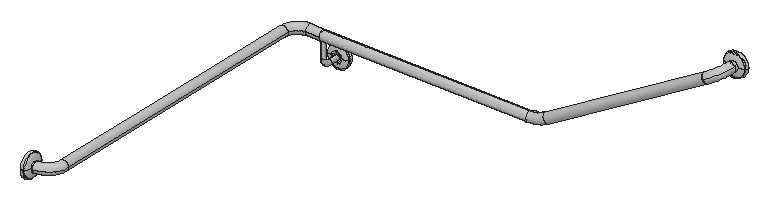
Revit family "Grab Rail_Metlam_30 Deg_Wrap Around_Left", category Specialty Equipment, Revit 2016
Family settings
  Part Type = Normal
  Round Connector Dimension = Use Diameter
  OmniClass Number = 23.40.20.21.47
  OmniClass Title = Bath Grab Bars
  Work Plane-Based = No
  Always vertical = Yes
  Cut with Voids When Loaded = No
  Shared = No
  Room Calculation Point = Yes
Parameters (values of type "1522w x 1116d x 382h (MLR113MKII)")
  Width = 1522 mm  # constant formula
  URL = "http://www.metlam.com.au/"
  Type Comments = "Grab Rails"  # constant formula
  Model = "MLR113MKII"
  Material_ANZRS = z_Metlam_Metal_Stainless Steel_Satin
  Manufacturer_Width = Width - 16 mm  # 1506 mm
  Manufacturer_URL__Product Specific = "https://www.metlam.com.au/product/content/grab-rails/MLR113MKII"
  Manufacturer_Spec Code = Model  # "MLR113MKII"
  Manufacturer_Height From FFL [instance] = 800 mm
  Manufacturer_Height = Height - 32 mm  # 350 mm
  Manufacturer_Depth = Depth - 16 mm  # 1100 mm
  Manufacturer = "Metlam"  # constant formula
  Keynote = ""
  Height = 382 mm  # constant formula
  Description = "30° Flush Mount Wrap Around Grab Rail LH"  # constant formula
  Depth = 1116 mm  # constant formula
  CreatedBy_ANZRS = "IGS BIM Solutions"  # constant formula
  CreatedByURL_ANZRS = "http://www.igsgroup.com.au/"
  Assembly Code = ""
Reference planes
  plane 1 "Ref. Level": z = 0
  plane 2 "Left Wall Mount_Centre (Elevation)": z = 784
  plane 3 "Middle Wall Mount_Centre (Elevation)": z = 691
  plane 4 "Bottom": z = 653
  plane 5 "Back": y = 610
  plane 6 "Right Wall Mount_Centre (Left/Right)": x = 908
  plane 7 "Left": x = -598
  plane 8 "Left Wall Mount_Centre (Front/Back)": y = -490
  plane 9 "Middle Wall Mount_Centre (Left/Right)": x = -428
  plane 10 "Right Wall Mount_Centre (Elevation)": z = 1134
  plane 11 "Top": z = 1173
  plane 12 "Angled Rail_Top": z = 1150
  plane 13 "Horizontal Rail_Bottom": z = 768
  plane 14 "Mounting Height": z = 800
  plane 15 "Angled Rail_Left": x = 892
  plane 16 "Angled Rail_Right": x = 924
  plane 17 "Right": x = 947
  plane 18 "Horizontal Rail_Front": y = 520
  plane 19 "Horizontal Rail_Right": x = -507.782
  plane 20 "Front": y = -529
  plane 21 "Horizontal Rail End_Front": y = -506
  plane 22 "Horizontal Rail End_Back": y = -474
Forms (mm)
  Sweep 1, solid, material "z_Metlam_Metal_Stainless Steel_Satin" <- "Material_ANZRS"
    path origin (-166.031, 0, 784) x (0, -1, 0) y (1, 0, 0)
      loop
        line (490, -408.969) -> (490, -407.751)
        arc (490, -407.751) -> (475.355, -372.396) -> (440, -357.751) r 50
        line (440, -357.751) -> (-486, -357.751)
        arc (-486, -357.751) -> (-521.355, -343.107) -> (-536, -307.751) r 50
        line (-536, -307.751) -> (-536, -261.969)
    profile origin (-574.391, -490, 784) x (0, 1, 0) y (0, 0, 1)
      loop
        circle (0, 0) r 16
  Revolve 2, solid, material "z_Metlam_Metal_Stainless Steel_Satin" <- "Material_ANZRS"
    sketch origin (0, 0, 1134) x (-1, 0, 0) y (0, -1, 0)
      loop
        arc (-871.743, -599.373) -> (-881.591, -595.611) -> (-892, -593.938) r 51.397
        line (-892, -593.938) -> (-908, -593.938) -> (-908, -610) -> (-869, -610) -> (-870.401, -601.21)
        arc (-870.401, -601.21) -> (-870.851, -600.13) -> (-871.743, -599.373) r 2.5
      axis (-908, -593.938) -> (-908, -610)
    angle from 0 to 360
  Revolve 3, solid, material "z_Metlam_Metal_Stainless Steel_Satin" <- "Material_ANZRS"
    sketch origin (-34.405, -1648, 784) x (-1, 0, 0) y (0, -1, 0)
      loop
        arc (547.564, -1174) -> (549.238, -1184.409) -> (553, -1194.257) r 51.397
        arc (553, -1194.257) -> (553.757, -1195.149) -> (554.836, -1195.599) r 2.5
        line (554.836, -1195.599) -> (563.595, -1197) -> (563.595, -1158) -> (540.595, -1158) -> (540.595, -1174) -> (547.564, -1174)
      axis (540.595, -1158) -> (563.595, -1158)
    angle from 0 to 360
  Revolve 4, solid, material "z_Metlam_Metal_Stainless Steel_Satin" <- "Material_ANZRS"
    sketch origin (-428, 610, 691) x (-1, 0, 0) y (0, -1, 0)
      loop
        line (38, 0) -> (37.609, 8.494)
        arc (37.609, 8.494) -> (37.213, 9.734) -> (36.246, 10.607) r 2.5
        arc (36.246, 10.607) -> (27.366, 14.116) -> (17.983, 15.888) r 50.422
        arc (17.983, 15.888) -> (16.426, 15.995) -> (14.865, 16.031) r 34
        line (14.865, 16.031) -> (0, 16.031) -> (0, 0) -> (38, 0)
      axis (0, 0) -> (0, 16.031)
    angle from 0 to 360
  Sweep 5, solid, material "z_Metlam_Metal_Stainless Steel_Satin" <- "Material_ANZRS"
    path origin (-428, 0, 0) x (0, 1, 0) y (0, 0, 1)
      loop
        line (593.969, 691) -> (561, 691)
        arc (561, 691) -> (543.322, 698.322) -> (536, 716) r 25
        line (536, 716) -> (536, 784)
    profile origin (-428, 577.485, 691) x (0, 0, -1) y (1, 0, 0)
      loop
        circle (0, 0) r 7.5
  Sweep 6, solid, material "z_Metlam_Metal_Stainless Steel_Satin" <- "Material_ANZRS"
    path origin (0, 520, 0) x (-1, 0, 0) y (0, 0, 1)
      loop
        line (428, 784) -> (-269.628, 784)
        arc (-269.628, 784) -> (-300.687, 788.089) -> (-329.628, 800.077) r 120
        line (-329.628, 800.077) -> (-864.699, 1109)
    profile origin (-79.186, 520, 784) x (0, 0, -1) y (0, 1, 0)
      loop
        circle (0, 16) r 16
  Sweep 7, solid, material "z_Metlam_Metal_Stainless Steel_Satin" <- "Material_ANZRS"
    path origin (301.782, 81, 784) x (0.866025, 0, 0.5) y (0, 1, 0)
      loop
        line (650, 455) -> (652, 455)
        arc (652, 455) -> (685.941, 469.059) -> (700, 503) r 48
        line (700, 503) -> (700, 512.938)
    profile origin (865.565, 536, 1109.5) x (0, 1, 0) y (-0.5, 0, 0.866025)
      loop
        circle (0, 0) r 16
Cuts and joins
  joined: Sweep 1, Revolve 2, Revolve 3, Revolve 4, Sweep 5, Sweep 6, Sweep 7
Lines and regions (mm)
  Masking region 1
    outline origin (0, 0, 1173) x (0, -1, 0) y (1, 0, 0)
      loop
        arc (440, -539.782) -> (464.042, -549.741) -> (474, -573.782) r 34
        line (474, -573.782) -> (474, -581.969)
        arc (474, -581.969) -> (463.591, -583.643) -> (453.743, -587.405) r 51.397
        arc (453.743, -587.405) -> (452.851, -588.162) -> (452.401, -589.241) r 2.5
        line (452.401, -589.241) -> (451, -598) -> (529, -598) -> (527.599, -589.241)
        arc (527.599, -589.241) -> (527.149, -588.162) -> (526.257, -587.405) r 2.5
        arc (526.257, -587.405) -> (516.409, -583.643) -> (506, -581.969) r 51.397
        line (506, -581.969) -> (506, -573.782)
        arc (506, -573.782) -> (486.669, -527.113) -> (440, -507.782) r 66
        line (440, -507.782) -> (-486, -507.782)
        arc (-486, -507.782) -> (-510.042, -497.824) -> (-520, -473.782) r 34
        line (-520, -473.782) -> (-520, 862.5)
        arc (-520, 862.5) -> (-538.013, 905.987) -> (-581.5, 924) r 61.5
        line (-581.5, 924) -> (-593.938, 924)
        arc (-593.938, 924) -> (-595.611, 934.409) -> (-599.373, 944.257) r 51.397
        arc (-599.373, 944.257) -> (-600.13, 945.149) -> (-601.21, 945.599) r 2.5
        line (-601.21, 945.599) -> (-610, 947) -> (-610, 869) -> (-601.21, 870.401)
        arc (-601.21, 870.401) -> (-600.13, 870.851) -> (-599.373, 871.743) r 2.5
        arc (-599.373, 871.743) -> (-595.611, 881.591) -> (-593.938, 892) r 51.397
        line (-593.938, 892) -> (-581.5, 892)
        arc (-581.5, 892) -> (-560.64, 883.36) -> (-552, 862.5) r 29.5
        line (-552, 862.5) -> (-552, -420.5) -> (-593.969, -420.5) -> (-593.969, -413.135)
        arc (-593.969, -413.135) -> (-594.005, -411.574) -> (-594.112, -410.017) r 34
        arc (-594.112, -410.017) -> (-595.884, -400.634) -> (-599.393, -391.754) r 50.422
        arc (-599.393, -391.754) -> (-600.266, -390.787) -> (-601.506, -390.391) r 2.5
        line (-601.506, -390.391) -> (-610, -390) -> (-610, -466) -> (-601.506, -465.609)
        arc (-601.506, -465.609) -> (-600.266, -465.213) -> (-599.393, -464.246) r 2.5
        arc (-599.393, -464.246) -> (-595.884, -455.366) -> (-594.112, -445.983) r 50.422
        arc (-594.112, -445.983) -> (-594.005, -444.426) -> (-593.969, -442.865) r 34
        line (-593.969, -442.865) -> (-593.969, -435.5) -> (-552, -435.5) -> (-552, -473.782)
        arc (-552, -473.782) -> (-532.669, -520.451) -> (-486, -539.782) r 66
        line (-486, -539.782) -> (440, -539.782)
  reference lines
    curve 1: line (301.782, 520, 784) -> (908, 520, 1134)
  symbolic lines, style "Grab Rails", detail levels medium+fine
    curve 2: line (892, 593.938, 0) -> (924, 593.938, 0)
    curve 3: line (-435.5, 593.969, 0) -> (-420.5, 593.969, 0)
    curve 4: line (-435.5, 552, 0) -> (-420.5, 552, 0)
    curve 5: line (-581.969, -474, 0) -> (-581.969, -506, 0)
  symbolic lines, style "Grab Rails"
    curve 6: line (302, 544, 0) -> (302, 528, 0)
Text (mm)
  text "> Contact Manufacturer to confirm feasibility of design variations outside the scope of this Revit Family\n\n\n\nDisclaimer:\n\nDue to ongoing product development and manufacturing evolution, product details are subject to change without notice. Please refer to product technical data sheets on the manufacturer’s website for the most current product information. Please allow a +/- 5mm manufacturing tolerance for dimensions and set-outs shown in product literature." at (1148.772, 424.207, 0), in view "Ref. Level_Instruction"
Dimensions and locks
  "Manufacturer_Height From FFL": plane 14 "Mounting Height" to plane 1 "Ref. Level"
  locked: plane 7 "Left" to plane 9 "Middle Wall Mount_Centre (Left/Right)" at 170
  "Depth": plane 5 "Back" to plane 21 "Horizontal Rail End_Front"
  "Manufacturer_Width": plane 7 "Left" to plane 6 "Right Wall Mount_Centre (Left/Right)"
  "Manufacturer_Depth": plane 5 "Back" to plane 8 "Left Wall Mount_Centre (Front/Back)"
  locked: plane 16 "Angled Rail_Right" to plane 17 "Right" at 23
  locked: plane 15 "Angled Rail_Left" to plane 6 "Right Wall Mount_Centre (Left/Right)" at 16
  locked: plane 22 "Horizontal Rail End_Back" to plane 8 "Left Wall Mount_Centre (Front/Back)" at 16
  locked: plane 21 "Horizontal Rail End_Front" to plane 20 "Front" at 23
  locked: plane 6 "Right Wall Mount_Centre (Left/Right)" to plane 16 "Angled Rail_Right" at 16
  "Height": plane 12 "Angled Rail_Top" to plane 13 "Horizontal Rail_Bottom"
  locked: plane 3 "Middle Wall Mount_Centre (Elevation)" to plane 4 "Bottom" at 38
  locked: plane 14 "Mounting Height" to plane 2 "Left Wall Mount_Centre (Elevation)" at 16
  locked: plane 11 "Top" to plane 12 "Angled Rail_Top" at 23
  locked: plane 2 "Left Wall Mount_Centre (Elevation)" to plane 13 "Horizontal Rail_Bottom" at 16
  "Manufacturer_Height": plane 10 "Right Wall Mount_Centre (Elevation)" to plane 2 "Left Wall Mount_Centre (Elevation)"
  plane 12 "Angled Rail_Top" to plane 10 "Right Wall Mount_Centre (Elevation)" = 16 mm
  locked: plane 13 "Horizontal Rail_Bottom" to plane 3 "Middle Wall Mount_Centre (Elevation)" at 77
  locked: plane 5 "Back" to plane 18 "Horizontal Rail_Front" at 90
  locked: plane 7 "Left" to plane 19 "Horizontal Rail_Right" at 90.218
  locked: plane 7 "Left" to curve 6 at 900
  plane 7 "Left" to plane 16 "Angled Rail_Right" = 1522 mm
  aligned and locked: level to plane 1 "Ref. Level"
  aligned and locked: plane 2 "Left Wall Mount_Centre (Elevation)" to Sweep 1 sketch curve
  aligned and locked: plane 2 "Left Wall Mount_Centre (Elevation)" to Sweep 6 sketch curve
  aligned and locked: plane 2 "Left Wall Mount_Centre (Elevation)" to curve 1
  aligned and locked: plane 10 "Right Wall Mount_Centre (Elevation)" to curve 1
Automatic sketch dimensions
  Sweep 1 sketch curve to profile plane = 0 mm
  Sweep 5 sketch curve to profile plane = 0 mm
  Revolve 4 sketch curve to Revolve 4 sketch curve = 2.497 mm
  Revolve 4 sketch curve to Revolve 4 sketch curve = 0.391 mm
  Revolve 4 sketch curve to Revolve 4 sketch curve = 16.353 mm
  Revolve 4 sketch curve to Revolve 4 sketch curve = 3.117 mm
  Revolve 4 sketch curve to Revolve 4 sketch curve = 0 mm  (x2)
  Revolve 4 sketch curve to Revolve 4 sketch curve = 11.61 mm
  Revolve 4 sketch curve to Revolve 4 sketch curve = 1.506 mm
  profile plane to Sweep 5 sketch curve = 0 mm
  Revolve 3 sketch curve to Revolve 3 sketch curve = 6.969 mm
  Revolve 3 sketch curve to Revolve 3 sketch curve = 7.272 mm
  Revolve 3 sketch curve to Revolve 3 sketch curve = 0.395 mm
  Revolve 3 sketch curve to Revolve 3 sketch curve = 8.759 mm
  Revolve 3 sketch curve to Revolve 3 sketch curve = 19.13 mm
  Revolve 3 sketch curve to Revolve 3 sketch curve = 1.342 mm
  Revolve 3 sketch curve to Revolve 3 sketch curve = 1.401 mm
  Revolve 3 sketch curve to Revolve 3 sketch curve = 10 mm
  Revolve 3 sketch curve to Revolve 3 sketch curve = 4.717 mm
  Revolve 3 sketch curve to Revolve 3 sketch curve = 16 mm
  Revolve 4 sketch curve to plane 5 "Back" = 0 mm  (x2)
  Revolve 4 sketch curve to plane 5 "Back" = 8.379 mm
  Revolve 4 sketch curve to Revolve 4 sketch curve = 17.129 mm
  plane 5 "Back" to Revolve 4 sketch curve = 17.969 mm
  Revolve 3 sketch curve to Revolve 3 sketch curve = 2.469 mm
  Revolve 3 sketch curve to plane 7 "Left" = 0 mm
  Revolve 3 sketch curve to plane 8 "Left Wall Mount_Centre (Front/Back)" = 0 mm  (x2)
  plane 8 "Left Wall Mount_Centre (Front/Back)" to Revolve 3 sketch curve = 13.089 mm
  Revolve 4 sketch curve to plane 9 "Middle Wall Mount_Centre (Left/Right)" = 0 mm  (x2)
  Revolve 4 sketch curve to plane 9 "Middle Wall Mount_Centre (Left/Right)" = 13.36 mm
  Sweep 5 sketch curve to plane 2 "Left Wall Mount_Centre (Elevation)" = 0 mm
  Sweep 5 sketch curve to plane 3 "Middle Wall Mount_Centre (Elevation)" = 0 mm
  plane 18 "Horizontal Rail_Front" to Sweep 5 sketch curve = 16 mm
  Sweep 5 sketch curve to plane 5 "Back" = 16.031 mm
  plane 20 "Front" to Sweep 6 sketch curve = 1065 mm
  Revolve 2 sketch curve to plane 6 "Right Wall Mount_Centre (Left/Right)" = 0 mm  (x2)
  Revolve 2 sketch curve to plane 15 "Angled Rail_Left" = 0 mm
  Revolve 2 sketch curve to plane 5 "Back" = 0 mm
  plane 15 "Angled Rail_Left" to Revolve 2 sketch curve = 2.911 mm
  Revolve 2 sketch curve to plane 5 "Back" = 8.395 mm
  Revolve 2 sketch curve to plane 15 "Angled Rail_Left" = 19.13 mm
  Revolve 2 sketch curve to plane 5 "Back" = 8.79 mm
  Revolve 2 sketch curve to Revolve 2 sketch curve = 2.469 mm
  Revolve 2 sketch curve to Revolve 2 sketch curve = 1.401 mm
  plane 5 "Back" to Revolve 2 sketch curve = 35.252 mm
  Revolve 2 sketch curve to plane 5 "Back" = 16.062 mm
  Revolve 2 sketch curve to Revolve 2 sketch curve = 4.717 mm
  Revolve 2 sketch curve to Revolve 2 sketch curve = 6.031 mm
  Sweep 7 sketch curve to profile plane = 0 mm  (x2)
  Sweep 6 sketch curve to plane 2 "Left Wall Mount_Centre (Elevation)" = 0 mm
  Sweep 6 sketch curve to plane 9 "Middle Wall Mount_Centre (Left/Right)" = 0 mm
  Sweep 6 sketch curve to plane 15 "Angled Rail_Left" = 622.372 mm
  plane 14 "Mounting Height" to Sweep 6 sketch curve = 0.077 mm
  Sweep 6 sketch curve to Sweep 6 sketch curve = 60 mm
  Sweep 6 sketch curve to plane 15 "Angled Rail_Left" = 27.301 mm
  Sweep 6 sketch curve to plane 10 "Right Wall Mount_Centre (Elevation)" = 25 mm
  Sweep 7 sketch curve to curve 1 = 0 mm
  curve 1 to Sweep 7 sketch curve = 64 mm
  curve 1 to Sweep 7 sketch curve = 73.938 mm
  Sweep 7 sketch curve to curve 1 = 16 mm
  Sweep 7 sketch curve to Sweep 7 sketch curve = 2 mm
  curve 1 to plane 6 "Right Wall Mount_Centre (Left/Right)" = 0 mm
  curve 1 to plane 15 "Angled Rail_Left" = 590.218 mm
  Sweep 1 sketch curve to plane 9 "Middle Wall Mount_Centre (Left/Right)" = 0 mm
  Sweep 1 sketch curve to plane 8 "Left Wall Mount_Centre (Front/Back)" = 0 mm
  Sweep 1 sketch curve to plane 19 "Horizontal Rail_Right" = 16 mm
  plane 22 "Horizontal Rail End_Back" to Sweep 1 sketch curve = 34 mm
  Sweep 1 sketch curve to plane 18 "Horizontal Rail_Front" = 34 mm
  plane 18 "Horizontal Rail_Front" to Sweep 1 sketch curve = 16 mm
  Sweep 1 sketch curve to Sweep 1 sketch curve = 1.218 mm
  Sweep 5 sketch curve to Sweep 5 sketch curve = 25 mm
  Masking region 1 sketch curve to Masking region 1 sketch curve = 0 mm  (x11)
  Masking region 1 sketch curve to plane 5 "Back" = 0 mm  (x2)
  Masking region 1 sketch curve to plane 15 "Angled Rail_Left" = 0 mm
  Masking region 1 sketch curve to plane 16 "Angled Rail_Right" = 0 mm
  Masking region 1 sketch curve to plane 18 "Horizontal Rail_Front" = 0 mm
  Masking region 1 sketch curve to plane 19 "Horizontal Rail_Right" = 0 mm
  Masking region 1 sketch curve to plane 7 "Left" = 0 mm
  Masking region 1 sketch curve to plane 22 "Horizontal Rail End_Back" = 0 mm
  Masking region 1 sketch curve to plane 21 "Horizontal Rail End_Front" = 0 mm
  Masking region 1 sketch curve to plane 20 "Front" = 0 mm
  Masking region 1 sketch curve to plane 17 "Right" = 0 mm
  plane 5 "Back" to Masking region 1 sketch curve = 17.969 mm  (x2)
  Masking region 1 sketch curve to Masking region 1 sketch curve = 16.353 mm  (x2)
  Masking region 1 sketch curve to plane 16 "Angled Rail_Right" = 2.911 mm
  plane 5 "Back" to Masking region 1 sketch curve = 35.252 mm
  plane 15 "Angled Rail_Left" to Masking region 1 sketch curve = 2.911 mm
  Masking region 1 sketch curve to plane 5 "Back" = 8.379 mm  (x2)
  Masking region 1 sketch curve to plane 17 "Right" = 3.87 mm
  Masking region 1 sketch curve to plane 5 "Back" = 8.395 mm  (x2)
  Masking region 1 sketch curve to Masking region 1 sketch curve = 0.115 mm  (x2)
  Masking region 1 sketch curve to plane 17 "Right" = 1.401 mm
  Masking region 1 sketch curve to Masking region 1 sketch curve = 0.395 mm  (x4)
  Masking region 1 sketch curve to plane 5 "Back" = 16.031 mm
  Masking region 1 sketch curve to plane 9 "Middle Wall Mount_Centre (Left/Right)" = 7.5 mm
  Masking region 1 sketch curve to plane 5 "Back" = 16.062 mm  (x2)
  Masking region 1 sketch curve to Masking region 1 sketch curve = 19.71 mm
  Masking region 1 sketch curve to plane 18 "Horizontal Rail_Front" = 34 mm
  plane 22 "Horizontal Rail End_Back" to Masking region 1 sketch curve = 34 mm
  plane 22 "Horizontal Rail End_Back" to Masking region 1 sketch curve = 23 mm
  plane 7 "Left" to Masking region 1 sketch curve = 8.759 mm
  Masking region 1 sketch curve to Masking region 1 sketch curve = 1.401 mm  (x2)
  Masking region 1 sketch curve to Masking region 1 sketch curve = 2.469 mm  (x2)
  Masking region 1 sketch curve to plane 22 "Horizontal Rail End_Back" = 2.911 mm
  plane 21 "Horizontal Rail End_Front" to Masking region 1 sketch curve = 2.911 mm
  plane 20 "Front" to Masking region 1 sketch curve = 3.87 mm
  plane 20 "Front" to Masking region 1 sketch curve = 1.401 mm
  Masking region 1 sketch curve to plane 7 "Left" = 35.283 mm
  plane 7 "Left" to Masking region 1 sketch curve = 8.364 mm
  Masking region 1 sketch curve to Masking region 1 sketch curve = 8.187 mm  (x2)
  Masking region 1 sketch curve to Masking region 1 sketch curve = 30.5 mm
  Masking region 1 sketch curve to Masking region 1 sketch curve = 0.391 mm  (x2)
  Masking region 1 sketch curve to Masking region 1 sketch curve = 2.497 mm  (x2)
  Masking region 1 sketch curve to plane 9 "Middle Wall Mount_Centre (Left/Right)" = 14.865 mm
  Masking region 1 sketch curve to plane 9 "Middle Wall Mount_Centre (Left/Right)" = 13.36 mm
  plane 9 "Middle Wall Mount_Centre (Left/Right)" to Masking region 1 sketch curve = 7.5 mm
  plane 9 "Middle Wall Mount_Centre (Left/Right)" to Masking region 1 sketch curve = 13.36 mm
  plane 9 "Middle Wall Mount_Centre (Left/Right)" to Masking region 1 sketch curve = 14.865 mm
  Masking region 1 sketch curve to Masking region 1 sketch curve = 17.129 mm
  Masking region 1 sketch curve to plane 15 "Angled Rail_Left" = 23 mm
  curve 5 to plane 21 "Horizontal Rail End_Front" = 0 mm
  curve 5 to plane 22 "Horizontal Rail End_Back" = 0 mm
  plane 18 "Horizontal Rail_Front" to curve 6 = 8 mm
  curve 2 to plane 15 "Angled Rail_Left" = 0 mm
  curve 2 to plane 16 "Angled Rail_Right" = 0 mm
  plane 18 "Horizontal Rail_Front" to curve 6 = 24 mm
  plane 9 "Middle Wall Mount_Centre (Left/Right)" to curve 4 = 7.5 mm
  plane 9 "Middle Wall Mount_Centre (Left/Right)" to curve 3 = 7.5 mm
  curve 3 to plane 9 "Middle Wall Mount_Centre (Left/Right)" = 7.5 mm
  curve 4 to plane 9 "Middle Wall Mount_Centre (Left/Right)" = 7.5 mm
  plane 7 "Left" to curve 5 = 16.031 mm
  plane 18 "Horizontal Rail_Front" to curve 4 = 32 mm
  curve 2 to plane 5 "Back" = 16.062 mm
  curve 3 to plane 5 "Back" = 16.031 mm
  radius of Sweep 1 sketch curve = 16 mm
  radius of Sweep 5 sketch curve = 7.5 mm
  radius of Sweep 6 sketch curve = 16 mm
  radius of Sweep 7 sketch curve = 16 mm
